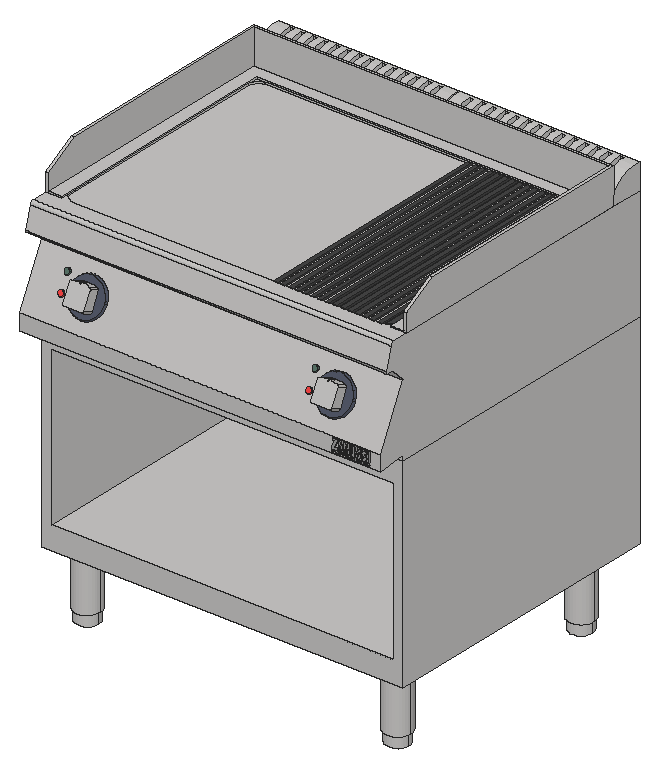
Revit family "QF_ZANUSSI_372331_Z7IIMDBLMEA", category Specialty Equipment, Revit 2018
Family settings
  Round Connector Dimension = Use Diameter
  Part Type = Normal
  Work Plane-Based = No
  Always vertical = Yes
  Cut with Voids When Loaded = No
  Shared = No
  Room Calculation Point = No
Parameters (values of type "Standard")
  Weight = 80.00 kg
  Watts = 0 W
  Volts = 400 V
  URL Manufacturer = "http://www.zanussiprofessional.com"
  URL = "http://www.zanussiprofessional.com"
  Steam Supply Size = 0"
  Steam Supply Minimum Pressure = 0.00 psi
  Steam Supply Maximum Pressure = 0.00 psi
  Steam Pounds per Hour = 0
  Show Logo [instance] = yes
  Show Clearance [instance] = yes
  Refrigeration Suction Line Size = 0"
  Refrigeration Liquid Line Size = 0"
  Refrigerant Compressor Remote = yes
  Phase = 3
  Model = "Z7IIMDBLMEA"
  Manufacturer = "Zanussi"
  Length Actual = 800 mm  # constant formula
  Item Number = "372331"
  Hot Water Size = 0"
  Height Actual = 850 mm  # constant formula
  HP = "11.3 HP"
  Gas Size = 0"
  Gas KW = 0
  Gas Input Pressure = 0.0 Btu/h
  Direct Waste Size = 0"
  Description = "ELECTRIC FRY TOP-SMOOOTH+RIBBED PLATE+BASE800MM-BRUSHED CHROME"
  Depth Actual = 700 mm  # constant formula
  Cycle = 60 Hz
  Condensate Return Size = 0"
  Compressed Air Volume = 0 GPM
  Compressed Air Size = 0"
  Compressed Air Pressure = 0.00 psi
  Cold Water Size = 0"
  Assembly Code = ""
  Accessory = yes
Reference planes
  plane 1 "BACK": y = 0
  plane 2: z = 0
  plane 3 "LEFT": x = 0
  plane 4 "RIGHT": x = 800
  plane 5 "FRONT": y = -716
  plane 6 "TOP": z = 288.925
  plane 7 "Center Y": x = 400
  plane 8 "Center X": y = -358
  plane 9 "BASE": z = 600
  plane 10 "TOP A": z = 850
  plane 11: y = -597.884
  plane 12: y = -147.637
  plane 13: y = -700
  plane 14 "panel": through (-6096, -715, 65.146) normal (0, 0.8956, -0.4448)
  plane 15: z = 930
  plane 16: z = 850
  plane 17: z = 149
  plane 18: x = 748
  plane 19: y = -29
  plane 20: y = -506
Forms (mm)
  Extrusion 1, solid, material "QF_Finishes_Stainless Steel"
    sketch origin (0, 0, 576) x (0, 1, 0) y (0, 0, 1)
      loop
        line (0, 24) -> (0, 274) -> (-679.358, 274)
        arc (-679.358, 274) -> (-684.643, 271.811) -> (-686.833, 266.526) r 7.474
        line (-686.833, 266.526) -> (-699.884, 221.011)
        arc (-699.884, 221.011) -> (-699.396, 218.379) -> (-697, 217.184) r 3
        line (-697, 217.184) -> (-686.802, 217.184) -> (-654.982, 185.364) -> (-716, 64.508) -> (-716, 29.508) -> (-658.645, 37.428)
        arc (-658.645, 37.428) -> (-656.101, 36.674) -> (-655, 34.259) r 3.2
        line (-655, 34.259) -> (-655, 24) -> (0, 24)
    from 0 to 800
  Extrusion 2, void
    sketch origin (0, -2.381, 850) x (-1, 0, 0) y (0, -1, 0)
      loop
        arc (-60.425, 102.504) -> (-42.464, 109.943) -> (-35.025, 127.904) r 25.4
        line (-35.025, 127.904) -> (-35.025, 617.104)
        arc (-35.025, 617.104) -> (-42.464, 635.064) -> (-60.425, 642.504) r 25.4
        line (-60.425, 642.504) -> (-739.575, 642.504)
        arc (-739.575, 642.504) -> (-757.536, 635.064) -> (-764.975, 617.104) r 25.4
        line (-764.975, 617.104) -> (-764.975, 127.904)
        arc (-764.975, 127.904) -> (-757.536, 109.943) -> (-739.575, 102.504) r 25.4
        line (-739.575, 102.504) -> (-60.425, 102.504)
    from 0 to -3.2
  Extrusion 3, solid, material "QF_Finishes_Clearance", visible <- "Show Clearance", detail levels coarse
    sketch origin (0, 0, 576) x (1, 0, 0) y (0, 1, 0)
      loop
        line (0, -716) -> (0, 0) -> (800, 0) -> (800, -716) -> (900, -716) -> (900, 100) -> (-100, 100) -> (-100, -716) -> (0, -716)
    from -576 to 354
  Sweep 4, solid, material "QF_Finishes_Stainless Steel"
    path origin (0, -2.381, 850) x (-1, 0, 0) y (0, -1, 0)
      loop
        line (-764.975, 642.504) -> (-764.975, 102.504) -> (-35.025, 102.504) -> (-35.025, 642.504)
    profile origin (35.025, -374.885, 850) x (1, 0, 0) y (0, 0, 1)
      loop
        line (-35.025, 0) -> (0, 0) -> (0, 3.175) -> (-28.675, 3.175) -> (-28.675, 80) -> (-35.025, 80) -> (-35.025, 0)
  Extrusion 5, void
    sketch origin (0, -69.86, 850) x (0, 1, 0) y (0, 0, 1)
      loop
        line (-575.025, 40.119) -> (-501.995, 80) -> (-575.025, 80) -> (-575.025, 40.119)
    from 0 to 6.35
  Extrusion 6, void
    sketch origin (800, -644.885, 850) x (0, -1, 0) y (0, 0, 1)
      loop
        line (0, 40.119) -> (0, 80) -> (-73.03, 80) -> (0, 40.119)
    from 0 to 6.35
  Extrusion 7, solid, material "QF_Finishes_Stainless Steel"
    sketch origin (0, 0, 576) x (0, 1, 0) y (0, 0, 1)
      loop
        line (0, 274) -> (0, 331.492)
        arc (0, 331.492) -> (-38.8, 324.37) -> (-69.85, 300.038) r 82.447
        line (-69.85, 300.038) -> (-69.85, 274) -> (0, 274)
    from 0 to 400.05
  Extrusion 8, void
    sketch origin (0, 0, 850.638) x (0, -1, 0) y (1, 0, 0)
      loop
        line (6.761, 29.703) -> (63.911, 29.703) -> (63.911, 38.999) -> (6.761, 38.999) -> (6.761, 29.703)
      loop
        line (63.911, 64.487) -> (6.761, 64.487) -> (6.761, 55.191) -> (63.911, 55.191) -> (63.911, 64.487)
      loop
        line (63.911, 89.975) -> (6.761, 89.975) -> (6.761, 80.68) -> (63.911, 80.68) -> (63.911, 89.975)
      loop
        line (63.911, 115.464) -> (6.761, 115.464) -> (6.761, 106.168) -> (63.911, 106.168) -> (63.911, 115.464)
      loop
        line (63.911, 140.952) -> (6.761, 140.952) -> (6.761, 131.656) -> (63.911, 131.656) -> (63.911, 140.952)
      loop
        line (63.911, 166.44) -> (6.761, 166.44) -> (6.761, 157.145) -> (63.911, 157.145) -> (63.911, 166.44)
      loop
        line (63.911, 191.929) -> (6.761, 191.929) -> (6.761, 182.633) -> (63.911, 182.633) -> (63.911, 191.929)
      loop
        line (63.911, 217.417) -> (6.761, 217.417) -> (6.761, 208.121) -> (63.911, 208.121) -> (63.911, 217.417)
      loop
        line (63.911, 242.905) -> (6.761, 242.905) -> (6.761, 233.61) -> (63.911, 233.61) -> (63.911, 242.905)
      loop
        line (63.911, 268.394) -> (6.761, 268.394) -> (6.761, 259.098) -> (63.911, 259.098) -> (63.911, 268.394)
      loop
        line (63.911, 293.882) -> (6.761, 293.882) -> (6.761, 284.586) -> (63.911, 284.586) -> (63.911, 293.882)
      loop
        line (63.911, 319.37) -> (6.761, 319.37) -> (6.761, 310.075) -> (63.911, 310.075) -> (63.911, 319.37)
      loop
        line (63.911, 344.859) -> (6.761, 344.859) -> (6.761, 335.563) -> (63.911, 335.563) -> (63.911, 344.859)
      loop
        line (63.911, 370.347) -> (6.761, 370.347) -> (6.761, 361.051) -> (63.911, 361.051) -> (63.911, 370.347)
    from 25.4 to 63.5
  Extrusion 9, solid, material "QF_Finishes_Stainless Steel"
    sketch origin (400.05, 0, 576) x (0, 1, 0) y (0, 0, 1)
      loop
        line (0, 274) -> (0, 331.492)
        arc (0, 331.492) -> (-38.8, 324.37) -> (-69.85, 300.038) r 82.447
        line (-69.85, 300.038) -> (-69.85, 274) -> (0, 274)
    from 0 to 399.95
  Extrusion 10, void
    sketch origin (400.05, 0, 850.638) x (0, -1, 0) y (1, 0, 0)
      loop
        line (6.761, 29.653) -> (63.911, 29.653) -> (63.911, 38.949) -> (6.761, 38.949) -> (6.761, 29.653)
      loop
        line (63.911, 64.437) -> (6.761, 64.437) -> (6.761, 55.141) -> (63.911, 55.141) -> (63.911, 64.437)
      loop
        line (63.911, 89.925) -> (6.761, 89.925) -> (6.761, 80.63) -> (63.911, 80.63) -> (63.911, 89.925)
      loop
        line (63.911, 115.414) -> (6.761, 115.414) -> (6.761, 106.118) -> (63.911, 106.118) -> (63.911, 115.414)
      loop
        line (63.911, 140.902) -> (6.761, 140.902) -> (6.761, 131.606) -> (63.911, 131.606) -> (63.911, 140.902)
      loop
        line (63.911, 166.39) -> (6.761, 166.39) -> (6.761, 157.095) -> (63.911, 157.095) -> (63.911, 166.39)
      loop
        line (63.911, 191.879) -> (6.761, 191.879) -> (6.761, 182.583) -> (63.911, 182.583) -> (63.911, 191.879)
      loop
        line (63.911, 217.367) -> (6.761, 217.367) -> (6.761, 208.071) -> (63.911, 208.071) -> (63.911, 217.367)
      loop
        line (63.911, 242.855) -> (6.761, 242.855) -> (6.761, 233.56) -> (63.911, 233.56) -> (63.911, 242.855)
      loop
        line (63.911, 268.344) -> (6.761, 268.344) -> (6.761, 259.048) -> (63.911, 259.048) -> (63.911, 268.344)
      loop
        line (63.911, 293.832) -> (6.761, 293.832) -> (6.761, 284.536) -> (63.911, 284.536) -> (63.911, 293.832)
      loop
        line (63.911, 319.32) -> (6.761, 319.32) -> (6.761, 310.025) -> (63.911, 310.025) -> (63.911, 319.32)
      loop
        line (63.911, 344.809) -> (6.761, 344.809) -> (6.761, 335.513) -> (63.911, 335.513) -> (63.911, 344.809)
      loop
        line (63.911, 370.297) -> (6.761, 370.297) -> (6.761, 361.001) -> (63.911, 361.001) -> (63.911, 370.297)
    from 25.4 to 63.5
  Blend 11, solid, material "QF_Finishes_Navy Blue"
    base sketch origin (675, -684.991, 701.574) x (1, 0, 0) y (0, 0.444781, 0.895639)
      loop
        circle (0, 0) r 42.5
    top sketch origin (675, -684.991, 701.574) x (1, 0, 0) y (0, 0.444781, 0.895639)
      loop
        circle (0, 0) r 40.5
    from 0 to 5
  Extrusion 12, solid, material "QF_Finishes_Stainless Steel"
    sketch origin (675, -684.991, 701.574) x (1, 0, 0) y (0, 0.444781, 0.895639)
      loop
        arc (-21.147, 22.789) -> (-22.494, 21.685) -> (-23, 20.019) r 2.997
        line (-23, 20.019) -> (-23, -20.019)
        arc (-23, -20.019) -> (-22.122, -22.138) -> (-20.003, -23.016) r 2.997
        line (-20.003, -23.016) -> (20.003, -23.016)
        arc (20.003, -23.016) -> (22.122, -22.138) -> (23, -20.019) r 2.997
        line (23, -20.019) -> (23, 20.019)
        arc (23, 20.019) -> (22.494, 21.685) -> (21.147, 22.789) r 2.997
        arc (21.147, 22.789) -> (0, 26.984) -> (-21.147, 22.789) r 55.4
    from 10 to 34
  Extrusion 13, solid, material "QF_Plastic-Black-Matte"
    sketch origin (755, -684.991, 701.574) x (0, 0.444781, 0.895639) y (0, -0.895639, 0.444781)
      loop
        line (26.984, 34) -> (26.984, 19) -> (27.984, 19) -> (27.984, 34)
        arc (27.984, 34) -> (27.691, 34.707) -> (26.984, 35) r 1
        line (26.984, 35) -> (23.984, 35) -> (23.984, 34) -> (26.984, 34)
    from -81 to -79
  Extrusion 14, solid, material "QF_Finishes_Red"
    sketch origin (675, -689.439, 692.617) x (1, 0, 0) y (0, 0.444781, 0.895639)
      loop
        circle (-55.001, 0) r 6
    from 0 to 1.6
  Extrusion 15, solid, material "QF_Finishes_Stainless Steel"
    sketch origin (675, -684.991, 701.574) x (1, 0, 0) y (0, 0.444781, 0.895639)
      loop
        line (17.5, 17.5) -> (-17.5, 17.5) -> (-17.5, -17.5) -> (17.5, -17.5) -> (17.5, 17.5)
    from 5 to 10
  Extrusion 16, solid, material "QF_Finishes_DarkGreen"
    sketch origin (675, -671.648, 728.443) x (1, 0, 0) y (0, 0.444781, 0.895639)
      loop
        circle (-55.001, 0) r 6
    from 0 to 1.6
  Blend 17, solid, material "QF_Finishes_Navy Blue"
    base sketch origin (125, -684.991, 701.574) x (1, 0, 0) y (0, 0.444781, 0.895639)
      loop
        circle (0, 0) r 42.5
    top sketch origin (125, -684.991, 701.574) x (1, 0, 0) y (0, 0.444781, 0.895639)
      loop
        circle (0, 0) r 40.5
    from 0 to 5
  Extrusion 18, solid, material "QF_Finishes_Stainless Steel"
    sketch origin (125, -684.991, 701.574) x (1, 0, 0) y (0, 0.444781, 0.895639)
      loop
        arc (-21.147, 22.789) -> (-22.494, 21.685) -> (-23, 20.019) r 2.997
        line (-23, 20.019) -> (-23, -20.019)
        arc (-23, -20.019) -> (-22.122, -22.138) -> (-20.003, -23.016) r 2.997
        line (-20.003, -23.016) -> (20.003, -23.016)
        arc (20.003, -23.016) -> (22.122, -22.138) -> (23, -20.019) r 2.997
        line (23, -20.019) -> (23, 20.019)
        arc (23, 20.019) -> (22.494, 21.685) -> (21.147, 22.789) r 2.997
        arc (21.147, 22.789) -> (0, 26.984) -> (-21.147, 22.789) r 55.4
    from 10 to 34
  Extrusion 19, solid, material "QF_Plastic-Black-Matte"
    sketch origin (205, -684.991, 701.574) x (0, 0.444781, 0.895639) y (0, -0.895639, 0.444781)
      loop
        line (26.984, 34) -> (26.984, 19) -> (27.984, 19) -> (27.984, 34)
        arc (27.984, 34) -> (27.691, 34.707) -> (26.984, 35) r 1
        line (26.984, 35) -> (23.984, 35) -> (23.984, 34) -> (26.984, 34)
    from -81 to -79
  Extrusion 20, solid, material "QF_Finishes_Red"
    sketch origin (125, -689.439, 692.617) x (1, 0, 0) y (0, 0.444781, 0.895639)
      loop
        circle (-55.001, 0) r 6
    from 0 to 1.6
  Extrusion 21, solid, material "QF_Finishes_Stainless Steel"
    sketch origin (125, -684.991, 701.574) x (1, 0, 0) y (0, 0.444781, 0.895639)
      loop
        line (17.5, 17.5) -> (-17.5, 17.5) -> (-17.5, -17.5) -> (17.5, -17.5) -> (17.5, 17.5)
    from 5 to 10
  Extrusion 22, solid, material "QF_Finishes_DarkGreen"
    sketch origin (125, -671.648, 728.443) x (1, 0, 0) y (0, 0.444781, 0.895639)
      loop
        circle (-55.001, 0) r 6
    from 0 to 1.6
  Extrusion 23, solid, material "QF_Finishes_Stainless Steel"
    sketch origin (0, 0, 0) x (1, 0, 0) y (0, 1, 0)
      loop
        line (0, 0) -> (0, -655) -> (800, -655) -> (800, 0) -> (0, 0)
    from 149 to 600
  Extrusion 24, void
    sketch origin (830.077, -655, 0) x (1, 0, 0) y (0, 0, -1)
      loop
        line (-810.077, -199) -> (-810.077, -550) -> (-50.077, -550) -> (-50.077, -199) -> (-810.077, -199)
    from 0 to 507.362
  Extrusion 25, solid, material "QF_Finishes_Stainless Steel"
    sketch origin (0, 0, 139) x (1, 0, 0) y (0, 1, 0)
      loop
        circle (748, -29) r 10
      loop
        circle (748, -506) r 10
    from 0 to 10
  Extrusion 26, solid, material "QF_Finishes_Black"
    sketch origin (462, -715, 576) x (1, 0, 0) y (0, 0, 1)
      loop
        line (51.5, 274) -> (42.5, 274) -> (42.5, 270.8) -> (51.5, 270.8) -> (51.5, 274)
    from -610.115 to -70.115
  Extrusion 27, solid, material "QF_Finishes_Black"
    sketch origin (478.5, -715, 576) x (1, 0, 0) y (0, 0, 1)
      loop
        line (51.5, 274) -> (42.5, 274) -> (42.5, 270.8) -> (51.5, 270.8) -> (51.5, 274)
    from -610.115 to -70.115
  Extrusion 28, solid, material "QF_Finishes_Black"
    sketch origin (495, -715, 576) x (1, 0, 0) y (0, 0, 1)
      loop
        line (51.5, 274) -> (42.5, 274) -> (42.5, 270.8) -> (51.5, 270.8) -> (51.5, 274)
    from -610.115 to -70.115
  Extrusion 29, solid, material "QF_Finishes_Black"
    sketch origin (511.5, -715, 576) x (1, 0, 0) y (0, 0, 1)
      loop
        line (51.5, 274) -> (42.5, 274) -> (42.5, 270.8) -> (51.5, 270.8) -> (51.5, 274)
    from -610.115 to -70.115
  Extrusion 30, solid, material "QF_Finishes_Black"
    sketch origin (528, -715, 576) x (1, 0, 0) y (0, 0, 1)
      loop
        line (51.5, 274) -> (42.5, 274) -> (42.5, 270.8) -> (51.5, 270.8) -> (51.5, 274)
    from -610.115 to -70.115
  Extrusion 31, solid, material "QF_Finishes_Black"
    sketch origin (544.5, -715, 576) x (1, 0, 0) y (0, 0, 1)
      loop
        line (51.5, 274) -> (42.5, 274) -> (42.5, 270.8) -> (51.5, 270.8) -> (51.5, 274)
    from -610.115 to -70.115
  Extrusion 32, solid, material "QF_Finishes_Black"
    sketch origin (561, -715, 576) x (1, 0, 0) y (0, 0, 1)
      loop
        line (51.5, 274) -> (42.5, 274) -> (42.5, 270.8) -> (51.5, 270.8) -> (51.5, 274)
    from -610.115 to -70.115
  Extrusion 33, solid, material "QF_Finishes_Black"
    sketch origin (577.5, -715, 576) x (1, 0, 0) y (0, 0, 1)
      loop
        line (51.5, 274) -> (42.5, 274) -> (42.5, 270.8) -> (51.5, 270.8) -> (51.5, 274)
    from -610.115 to -70.115
  Extrusion 34, solid, material "QF_Finishes_Black"
    sketch origin (594, -715, 576) x (1, 0, 0) y (0, 0, 1)
      loop
        line (51.5, 274) -> (42.5, 274) -> (42.5, 270.8) -> (51.5, 270.8) -> (51.5, 274)
    from -610.115 to -70.115
  Extrusion 35, solid, material "QF_Finishes_Black"
    sketch origin (610.5, -715, 576) x (1, 0, 0) y (0, 0, 1)
      loop
        line (51.5, 274) -> (42.5, 274) -> (42.5, 270.8) -> (51.5, 270.8) -> (51.5, 274)
    from -610.115 to -70.115
  Extrusion 36, solid, material "QF_Finishes_Black"
    sketch origin (627, -715, 576) x (1, 0, 0) y (0, 0, 1)
      loop
        line (51.5, 274) -> (42.5, 274) -> (42.5, 270.8) -> (51.5, 270.8) -> (51.5, 274)
    from -610.115 to -70.115
  Extrusion 37, solid, material "QF_Finishes_Black"
    sketch origin (643.5, -715, 576) x (1, 0, 0) y (0, 0, 1)
      loop
        line (51.5, 274) -> (42.5, 274) -> (42.5, 270.8) -> (51.5, 270.8) -> (51.5, 274)
    from -610.115 to -70.115
  Extrusion 38, solid, material "QF_Finishes_Black"
    sketch origin (660, -715, 576) x (1, 0, 0) y (0, 0, 1)
      loop
        line (51.475, 274) -> (42.475, 274) -> (42.475, 270.8) -> (51.475, 270.8) -> (51.475, 274)
    from -610.115 to -70.115
  Extrusion 39, solid, material "QF_Finishes_Black"
    sketch origin (676.5, -715, 576) x (1, 0, 0) y (0, 0, 1)
      loop
        line (51.475, 274) -> (42.475, 274) -> (42.475, 270.8) -> (51.475, 270.8) -> (51.475, 274)
    from -610.115 to -70.115
  Extrusion 40, solid, material "QF_Finishes_Black"
    sketch origin (693, -715, 576) x (1, 0, 0) y (0, 0, 1)
      loop
        line (51.475, 274) -> (42.475, 274) -> (42.475, 270.8) -> (51.475, 270.8) -> (51.475, 274)
    from -610.115 to -70.115
  Extrusion 41, solid, material "QF_Finishes_Black"
    sketch origin (-600, 0, 575.362) x (1, 0, 0) y (0, 1, 0)
      loop
        arc (1351.975, -641.652) -> (1356.999, -637.966) -> (1360.975, -633.167) r 25.4
        line (1360.975, -633.167) -> (1360.975, -116.603)
        arc (1360.975, -116.603) -> (1356.999, -111.804) -> (1351.975, -108.117) r 25.4
        line (1351.975, -108.117) -> (1351.975, -641.652)
    from 271.438 to 274.638
Cuts and joins
  Extrusion 2 cuts Extrusion 1
  Extrusion 5, Extrusion 6 cuts Sweep 4
  Extrusion 8 cuts Extrusion 7
  Extrusion 10 cuts Extrusion 9
  Extrusion 24 cuts Extrusion 23
Lines and regions (mm)
  Split face 1
    outline origin (676.664, -684.796, 713.208) x (1, 0, 0) y (0, 0.444781, 0.895639)
      loop
        circle (-34, 0) r 1.5
  Split face 2
    outline origin (673.297, -687.581, 707.6) x (1, 0, 0) y (0, 0.444781, 0.895639)
      loop
        circle (-30.633, -14.752) r 1.5
  Split face 3
    outline origin (676.214, -689.88, 702.97) x (1, 0, 0) y (0, 0.444781, 0.895639)
      loop
        circle (-21.199, -26.582) r 1.5
  Split face 4
    outline origin (682.566, -689.848, 703.034) x (1, 0, 0) y (0, 0.444781, 0.895639)
      loop
        circle (-7.566, -33.148) r 1.5
  Split face 5
    outline origin (687.419, -686.96, 708.85) x (1, 0, 0) y (0, 0.444781, 0.895639)
      loop
        circle (7.566, -33.148) r 1.5
  Split face 6
    outline origin (686.137, -682.319, 718.196) x (1, 0, 0) y (0, 0.444781, 0.895639)
      loop
        circle (21.199, -26.582) r 1.5
  Split face 7
    outline origin (676.5, -678.264, 726.361) x (1, 0, 0) y (0, 0.444781, 0.895639)
      loop
        circle (30.633, -14.752) r 1.5
  Split face 8
    outline origin (660.985, -677.235, 728.433) x (1, 0, 0) y (0, 0.444781, 0.895639)
      loop
        circle (34, 0) r 1.5
  Split face 9
    outline origin (675, -689.469, 703.797) x (1, 0, 0) y (0, 0.444781, 0.895639)
      loop
        circle (0, 33.561) r 1.5
  Split face 10
    outline origin (126.664, -684.796, 713.208) x (1, 0, 0) y (0, 0.444781, 0.895639)
      loop
        circle (-34, 0) r 1.5
  Split face 11
    outline origin (123.297, -687.581, 707.6) x (1, 0, 0) y (0, 0.444781, 0.895639)
      loop
        circle (-30.633, -14.752) r 1.5
  Split face 12
    outline origin (126.214, -689.88, 702.97) x (1, 0, 0) y (0, 0.444781, 0.895639)
      loop
        circle (-21.199, -26.582) r 1.5
  Split face 13
    outline origin (132.566, -689.848, 703.034) x (1, 0, 0) y (0, 0.444781, 0.895639)
      loop
        circle (-7.566, -33.148) r 1.5
  Split face 14
    outline origin (137.419, -686.96, 708.85) x (1, 0, 0) y (0, 0.444781, 0.895639)
      loop
        circle (7.566, -33.148) r 1.5
  Split face 15
    outline origin (136.137, -682.319, 718.196) x (1, 0, 0) y (0, 0.444781, 0.895639)
      loop
        circle (21.199, -26.582) r 1.5
  Split face 16
    outline origin (126.5, -678.264, 726.361) x (1, 0, 0) y (0, 0.444781, 0.895639)
      loop
        circle (30.633, -14.752) r 1.5
  Split face 17
    outline origin (110.985, -677.235, 728.433) x (1, 0, 0) y (0, 0.444781, 0.895639)
      loop
        circle (34, 0) r 1.5
  Split face 18
    outline origin (125, -689.469, 703.797) x (1, 0, 0) y (0, 0.444781, 0.895639)
      loop
        circle (0, 33.561) r 1.5
  symbolic lines, style "QF-Clearances", visible <- "Show Clearance", detail levels coarse
    curve 1: line (-100, 100, 850) -> (-100, -716, 850)
    curve 2: line (900, 100, 850) -> (-100, 100, 850)
    curve 3: line (900, -717.377, 850) -> (900, 100, 850)
  symbolic lines
    curve 4: line (0, 0, 850) -> (800, 0, 850)
    curve 5: line (0, -716, 850) -> (0, 0, 850)
    curve 6: line (800, 0, 850) -> (800, -716, 850)
    curve 7: line (35.025, -104.885, 850) -> (35.025, -644.885, 850)
    curve 8: arc (35.025, -619.485, 850) -> (42.464, -637.445, 850) -> (60.425, -644.885, 850) r 25.4
    curve 9: line (0, -644.885, 850) -> (35.025, -644.885, 850)
    curve 10: arc (739.215, -644.885, 850) -> (757.736, -637.213, 850) -> (765.407, -618.692, 850) r 26.193
    curve 11: line (765.407, -644.885, 850) -> (765.407, -104.885, 850)
    curve 12: line (765.407, -104.885, 850) -> (35.025, -104.885, 850)
    curve 13: line (0, -69.85, 850) -> (800, -69.85, 850)
    curve 14: arc (64.125, -104.885, 850) -> (43.548, -113.408, 850) -> (35.025, -133.985, 850) r 29.1
    curve 15: arc (739.863, -104.885, 850) -> (757.926, -112.367, 850) -> (765.407, -130.429, 850) r 25.544
    curve 16: line (6.35, -76.21, 850) -> (6.35, -644.885, 850)
    curve 17: line (6.35, -76.21, 850) -> (793.65, -76.21, 850)
    curve 18: line (793.65, -76.21, 850) -> (793.65, -644.885, 850)
    curve 19: line (765.407, -644.885, 850) -> (800, -644.885, 850)
    curve 20: line (60.425, -644.885, 850) -> (739.215, -644.885, 850)
    curve 21: line (0, 0, 274.638) -> (800, 0, 274.638)
    curve 22: line (0, -69.85, 274.638) -> (800, -69.85, 274.638)
    curve 23: line (29.703, -6.761, 0) -> (38.999, -6.761, 0)
    curve 24: line (29.703, -63.911, 0) -> (29.703, -6.761, 0)
    curve 25: line (38.999, -63.911, 0) -> (29.703, -63.911, 0)
    curve 26: line (38.999, -6.761, 0) -> (38.999, -63.911, 0)
    curve 27: line (55.191, -6.761, 0) -> (64.487, -6.761, 0)
    curve 28: line (55.191, -63.911, 0) -> (55.191, -6.761, 0)
    curve 29: line (64.487, -63.911, 0) -> (55.191, -63.911, 0)
    curve 30: line (64.487, -6.761, 0) -> (64.487, -63.911, 0)
    curve 31: line (80.68, -6.761, 0) -> (89.975, -6.761, 0)
    curve 32: line (80.68, -63.911, 0) -> (80.68, -6.761, 0)
    curve 33: line (89.975, -63.911, 0) -> (80.68, -63.911, 0)
    curve 34: line (89.975, -6.761, 0) -> (89.975, -63.911, 0)
    curve 35: line (106.168, -6.761, 0) -> (115.464, -6.761, 0)
    curve 36: line (106.168, -63.911, 0) -> (106.168, -6.761, 0)
    curve 37: line (115.464, -63.911, 0) -> (106.168, -63.911, 0)
    curve 38: line (115.464, -6.761, 0) -> (115.464, -63.911, 0)
    curve 39: line (131.656, -6.761, 0) -> (140.952, -6.761, 0)
    curve 40: line (131.656, -63.911, 0) -> (131.656, -6.761, 0)
    curve 41: line (140.952, -63.911, 0) -> (131.656, -63.911, 0)
    curve 42: line (140.952, -6.761, 0) -> (140.952, -63.911, 0)
    curve 43: line (157.145, -6.761, 0) -> (166.44, -6.761, 0)
    curve 44: line (157.145, -63.911, 0) -> (157.145, -6.761, 0)
    curve 45: line (166.44, -63.911, 0) -> (157.145, -63.911, 0)
    curve 46: line (166.44, -6.761, 0) -> (166.44, -63.911, 0)
    curve 47: line (182.633, -6.761, 0) -> (191.929, -6.761, 0)
    curve 48: line (182.633, -63.911, 0) -> (182.633, -6.761, 0)
    curve 49: line (191.929, -63.911, 0) -> (182.633, -63.911, 0)
    curve 50: line (191.929, -6.761, 0) -> (191.929, -63.911, 0)
    curve 51: line (208.121, -6.761, 0) -> (217.417, -6.761, 0)
    curve 52: line (208.121, -63.911, 0) -> (208.121, -6.761, 0)
    curve 53: line (217.417, -63.911, 0) -> (208.121, -63.911, 0)
    curve 54: line (217.417, -6.761, 0) -> (217.417, -63.911, 0)
    curve 55: line (233.61, -6.761, 0) -> (242.905, -6.761, 0)
    curve 56: line (233.61, -63.911, 0) -> (233.61, -6.761, 0)
    curve 57: line (242.905, -63.911, 0) -> (233.61, -63.911, 0)
    curve 58: line (242.905, -6.761, 0) -> (242.905, -63.911, 0)
    curve 59: line (259.098, -6.761, 0) -> (268.394, -6.761, 0)
    curve 60: line (259.098, -63.911, 0) -> (259.098, -6.761, 0)
    curve 61: line (268.394, -63.911, 0) -> (259.098, -63.911, 0)
    curve 62: line (268.394, -6.761, 0) -> (268.394, -63.911, 0)
    curve 63: line (284.586, -6.761, 0) -> (293.882, -6.761, 0)
    curve 64: line (284.586, -63.911, 0) -> (284.586, -6.761, 0)
    curve 65: line (293.882, -63.911, 0) -> (284.586, -63.911, 0)
    curve 66: line (293.882, -6.761, 0) -> (293.882, -63.911, 0)
    curve 67: line (310.075, -6.761, 0) -> (319.37, -6.761, 0)
    curve 68: line (310.075, -63.911, 0) -> (310.075, -6.761, 0)
    curve 69: line (319.37, -63.911, 0) -> (310.075, -63.911, 0)
    curve 70: line (319.37, -6.761, 0) -> (319.37, -63.911, 0)
    curve 71: line (335.563, -6.761, 0) -> (344.859, -6.761, 0)
    curve 72: line (335.563, -63.911, 0) -> (335.563, -6.761, 0)
    curve 73: line (344.859, -63.911, 0) -> (335.563, -63.911, 0)
    curve 74: line (344.859, -6.761, 0) -> (344.859, -63.911, 0)
    curve 75: line (361.051, -6.761, 0) -> (370.347, -6.761, 0)
    curve 76: line (361.051, -63.911, 0) -> (361.051, -6.761, 0)
    curve 77: line (370.347, -63.911, 0) -> (361.051, -63.911, 0)
    curve 78: line (370.347, -6.761, 0) -> (370.347, -63.911, 0)
    curve 79: line (400, 0, 0) -> (400, -69.85, 0)
    curve 80: line (770.347, -6.761, 0) -> (761.051, -6.761, 0)
    curve 81: line (770.347, -63.911, 0) -> (770.347, -6.761, 0)
    curve 82: line (761.051, -63.911, 0) -> (770.347, -63.911, 0)
    curve 83: line (761.051, -6.761, 0) -> (761.051, -63.911, 0)
    curve 84: line (744.859, -6.761, 0) -> (735.563, -6.761, 0)
    curve 85: line (744.859, -63.911, 0) -> (744.859, -6.761, 0)
    curve 86: line (735.563, -63.911, 0) -> (744.859, -63.911, 0)
    curve 87: line (735.563, -6.761, 0) -> (735.563, -63.911, 0)
    curve 88: line (719.37, -6.761, 0) -> (710.075, -6.761, 0)
    curve 89: line (719.37, -63.911, 0) -> (719.37, -6.761, 0)
    curve 90: line (710.075, -63.911, 0) -> (719.37, -63.911, 0)
    curve 91: line (710.075, -6.761, 0) -> (710.075, -63.911, 0)
    curve 92: line (693.882, -6.761, 0) -> (684.586, -6.761, 0)
    curve 93: line (693.882, -63.911, 0) -> (693.882, -6.761, 0)
    curve 94: line (684.586, -63.911, 0) -> (693.882, -63.911, 0)
    curve 95: line (684.586, -6.761, 0) -> (684.586, -63.911, 0)
    curve 96: line (668.394, -6.761, 0) -> (659.098, -6.761, 0)
    curve 97: line (668.394, -63.911, 0) -> (668.394, -6.761, 0)
    curve 98: line (659.098, -63.911, 0) -> (668.394, -63.911, 0)
    curve 99: line (659.098, -6.761, 0) -> (659.098, -63.911, 0)
    curve 100: line (642.905, -6.761, 0) -> (633.61, -6.761, 0)
    curve 101: line (642.905, -63.911, 0) -> (642.905, -6.761, 0)
    curve 102: line (633.61, -63.911, 0) -> (642.905, -63.911, 0)
    curve 103: line (633.61, -6.761, 0) -> (633.61, -63.911, 0)
    curve 104: line (617.417, -6.761, 0) -> (608.121, -6.761, 0)
    curve 105: line (617.417, -63.911, 0) -> (617.417, -6.761, 0)
    curve 106: line (608.121, -63.911, 0) -> (617.417, -63.911, 0)
    curve 107: line (608.121, -6.761, 0) -> (608.121, -63.911, 0)
    curve 108: line (591.929, -6.761, 0) -> (582.633, -6.761, 0)
    curve 109: line (591.929, -63.911, 0) -> (591.929, -6.761, 0)
    curve 110: line (582.633, -63.911, 0) -> (591.929, -63.911, 0)
    curve 111: line (582.633, -6.761, 0) -> (582.633, -63.911, 0)
    curve 112: line (566.44, -6.761, 0) -> (557.145, -6.761, 0)
    curve 113: line (566.44, -63.911, 0) -> (566.44, -6.761, 0)
    curve 114: line (557.145, -63.911, 0) -> (566.44, -63.911, 0)
    curve 115: line (557.145, -6.761, 0) -> (557.145, -63.911, 0)
    curve 116: line (540.952, -6.761, 0) -> (531.656, -6.761, 0)
    curve 117: line (540.952, -63.911, 0) -> (540.952, -6.761, 0)
    curve 118: line (531.656, -63.911, 0) -> (540.952, -63.911, 0)
    curve 119: line (531.656, -6.761, 0) -> (531.656, -63.911, 0)
    curve 120: line (515.464, -6.761, 0) -> (506.168, -6.761, 0)
    curve 121: line (515.464, -63.911, 0) -> (515.464, -6.761, 0)
    curve 122: line (506.168, -63.911, 0) -> (515.464, -63.911, 0)
    curve 123: line (506.168, -6.761, 0) -> (506.168, -63.911, 0)
    curve 124: line (489.975, -6.761, 0) -> (480.68, -6.761, 0)
    curve 125: line (489.975, -63.911, 0) -> (489.975, -6.761, 0)
    curve 126: line (480.68, -63.911, 0) -> (489.975, -63.911, 0)
    curve 127: line (480.68, -6.761, 0) -> (480.68, -63.911, 0)
    curve 128: line (464.487, -6.761, 0) -> (455.191, -6.761, 0)
    curve 129: line (464.487, -63.911, 0) -> (464.487, -6.761, 0)
    curve 130: line (455.191, -63.911, 0) -> (464.487, -63.911, 0)
    curve 131: line (455.191, -6.761, 0) -> (455.191, -63.911, 0)
    curve 132: line (438.999, -6.761, 0) -> (429.703, -6.761, 0)
    curve 133: line (438.999, -63.911, 0) -> (438.999, -6.761, 0)
    curve 134: line (429.703, -63.911, 0) -> (438.999, -63.911, 0)
    curve 135: line (429.703, -6.761, 0) -> (429.703, -63.911, 0)
    curve 136: line (0, -700, 0) -> (800, -700, 0)
    curve 137: line (698, -700, 0) -> (698, -725.347, 0)
    curve 138: arc (698, -725.347, 0) -> (697.854, -725.811, 0) -> (697.468, -726.107, 0) r 0.809
    curve 139: arc (697.468, -726.107, 0) -> (696.28, -726.587, 0) -> (695.003, -726.68, 0) r 4.127
    curve 140: arc (698, -704.292, 0) -> (703.041, -702.458, 0) -> (707.809, -700, 0) r 42.24
    curve 141: arc (698, -706.539, 0) -> (697.498, -705.818, 0) -> (696.701, -705.448, 0) r 1.682
    curve 142: arc (696.701, -705.448, 0) -> (686.397, -703.964, 0) -> (676, -703.459, 0) r 110.06
    curve 143: line (676, -700, 0) -> (676, -705.671, 0)
    curve 144: line (676, -705.671, 0) -> (674, -705.671, 0)
    curve 145: line (674, -705.671, 0) -> (674, -700, 0)
    curve 146: line (652, -700, 0) -> (652, -725.347, 0)
    curve 147: arc (652, -725.347, 0) -> (652.146, -725.811, 0) -> (652.532, -726.107, 0) r 0.809
    curve 148: arc (652.532, -726.107, 0) -> (653.72, -726.587, 0) -> (654.997, -726.68, 0) r 4.127
    curve 149: arc (652, -704.292, 0) -> (646.959, -702.458, 0) -> (642.191, -700, 0) r 42.24
    curve 150: arc (652, -706.539, 0) -> (652.502, -705.818, 0) -> (653.299, -705.448, 0) r 1.682
    curve 151: arc (653.299, -705.448, 0) -> (663.603, -703.964, 0) -> (674, -703.459, 0) r 110.06
    curve 152: line (695.003, -726.68, 0) -> (654.997, -726.68, 0)
    curve 153: line (148, -716, 0) -> (652, -716, 0)
    curve 154: line (698, -716, 0) -> (800, -716, 0)
    curve 155: line (148, -700, 0) -> (148, -725.347, 0)
    curve 156: arc (148, -725.347, 0) -> (147.854, -725.811, 0) -> (147.468, -726.107, 0) r 0.809
    curve 157: arc (147.468, -726.107, 0) -> (146.28, -726.587, 0) -> (145.003, -726.68, 0) r 4.127
    curve 158: arc (148, -704.292, 0) -> (153.041, -702.458, 0) -> (157.809, -700, 0) r 42.24
    curve 159: arc (148, -706.539, 0) -> (147.498, -705.818, 0) -> (146.701, -705.448, 0) r 1.682
    curve 160: arc (146.701, -705.448, 0) -> (136.397, -703.964, 0) -> (126, -703.459, 0) r 110.06
    curve 161: line (126, -700, 0) -> (126, -705.671, 0)
    curve 162: line (126, -705.671, 0) -> (124, -705.671, 0)
    curve 163: line (124, -705.671, 0) -> (124, -700, 0)
    curve 164: line (102, -700, 0) -> (102, -725.347, 0)
    curve 165: arc (102, -725.347, 0) -> (102.146, -725.811, 0) -> (102.532, -726.107, 0) r 0.809
    curve 166: arc (102.532, -726.107, 0) -> (103.72, -726.587, 0) -> (104.997, -726.68, 0) r 4.127
    curve 167: arc (102, -704.292, 0) -> (96.959, -702.458, 0) -> (92.191, -700, 0) r 42.24
    curve 168: arc (102, -706.539, 0) -> (102.502, -705.818, 0) -> (103.299, -705.448, 0) r 1.682
    curve 169: arc (103.299, -705.448, 0) -> (113.603, -703.964, 0) -> (124, -703.459, 0) r 110.06
    curve 170: line (145.003, -726.68, 0) -> (104.997, -726.68, 0)
    curve 171: line (102, -716, 0) -> (0, -716, 0)
    curve 174: line (509, -104.885, 0) -> (509, -644.885, 0)
    curve 175: line (525.5, -104.885, 0) -> (525.5, -644.885, 0)
    curve 176: line (542, -104.885, 0) -> (542, -644.885, 0)
    curve 177: line (558.5, -104.885, 0) -> (558.5, -644.885, 0)
    curve 178: line (575, -104.885, 0) -> (575, -644.885, 0)
    curve 179: line (591.5, -104.885, 0) -> (591.5, -644.885, 0)
    curve 180: line (608, -104.885, 0) -> (608, -644.885, 0)
    curve 181: line (624.5, -104.885, 0) -> (624.5, -644.885, 0)
    curve 182: line (641, -104.885, 0) -> (641, -644.885, 0)
    curve 183: line (657.5, -104.885, 0) -> (657.5, -644.885, 0)
    curve 184: line (674, -104.885, 0) -> (674, -644.885, 0)
    curve 185: line (690.5, -104.885, 0) -> (690.5, -644.885, 0)
    curve 186: line (706.975, -104.885, 0) -> (706.975, -644.885, 0)
    curve 187: line (723.475, -104.885, 0) -> (723.475, -644.885, 0)
    curve 188: line (739.575, -104.885, 0) -> (739.575, -644.885, 0)
    curve 189: line (756.286, -111.156, 0) -> (756.286, -638.614, 0)
  symbolic lines, style "QF-Clearances"
    curve 172: line (-100, -716, 0) -> (0, -716, 0)
    curve 173: line (800, -716, 0) -> (900, -716, 0)
Dimensions and locks
  equal spacing: plane 3 "LEFT", plane 7 "Center Y", plane 4 "RIGHT"
  plane 3 "LEFT" to plane 4 "RIGHT" = 800 mm
  equal spacing: plane 5 "FRONT", plane 8 "Center X", plane 1 "BACK"
  plane 5 "FRONT" to plane 1 "BACK" = 716 mm
  plane 1 "BACK" to plane 5 "FRONT" = 716 mm
  Sweep 4 sketch curve to level = 930 mm
  plane 10 "TOP A" to plane 9 "BASE" = 250 mm  (x2)
  plane 9 "BASE" to level = 600 mm
  plane 1 "BACK" to plane 13 = 700 mm
  plane 15 to level = 930 mm
  plane 16 to level = 850 mm
  plane 16 to plane 17 to level = 701 mm, 149 mm
  nested 1 to plane 3 "LEFT" = 56 mm
  nested 2 to nested 1 = 688 mm
  plane 1 "BACK" to nested 1 = 91 mm
  nested 1 to nested 3 = 509 mm
  plane 1 "BACK" to Extrusion 23 = 655 mm
  plane 18 to plane 4 "RIGHT" = 52 mm
  plane 20 to plane 19 to plane 1 "BACK" = 477 mm, 29 mm
  aligned and locked: level to plane 2
  aligned and locked: plane 4 "RIGHT" to Extrusion 1
  aligned: plane 6 "TOP" to Extrusion 3
  aligned and locked: Extrusion 23 sketch curve to cut or joined group of Extrusion 1, Extrusion 2  (x3)
  aligned and locked: Extrusion 23 to plane 17
Automatic sketch dimensions
  Extrusion 1 sketch curve to plane 5 "FRONT" = 0 mm
  Extrusion 1 sketch curve to plane 10 "TOP A" = 0 mm
  Extrusion 1 sketch curve to plane 9 "BASE" = 0 mm
  Extrusion 1 sketch curve to plane 1 "BACK" = 0 mm
  Extrusion 1 sketch curve to plane 13 = 0.116 mm
  Extrusion 1 sketch curve to plane 13 = 3 mm
  Extrusion 1 sketch curve to plane 10 "TOP A" = 7.474 mm
  Extrusion 1 sketch curve to plane 13 = 13.167 mm
  Extrusion 1 sketch curve to Extrusion 1 sketch curve = 10.198 mm
  plane 9 "BASE" to Extrusion 1 sketch curve = 13.428 mm
  Extrusion 1 sketch curve to plane 13 = 41.355 mm
  Extrusion 1 sketch curve to Extrusion 1 sketch curve = 0.445 mm
  Extrusion 1 sketch curve to Extrusion 1 sketch curve = 3.2 mm
  Extrusion 1 sketch curve to Extrusion 1 sketch curve = 31.82 mm
  plane 9 "BASE" to Extrusion 1 sketch curve = 5.508 mm
  Extrusion 1 sketch curve to Extrusion 1 sketch curve = 35 mm
  Extrusion 1 sketch curve to Extrusion 1 sketch curve = 81.162 mm
  Extrusion 1 sketch curve to Extrusion 1 sketch curve = 49.342 mm
  Extrusion 1 sketch curve to Extrusion 1 sketch curve = 3 mm
  Extrusion 2 sketch curve to plane 4 "RIGHT" = 35.025 mm
  Extrusion 2 sketch curve to Extrusion 2 sketch curve = 25.4 mm  (x3)
  Extrusion 2 sketch curve to plane 12 = 17.353 mm
  plane 3 "LEFT" to Extrusion 2 sketch curve = 60.425 mm  (x2)
  plane 11 to Extrusion 2 sketch curve = 21.6 mm
  plane 5 "FRONT" to Extrusion 3 sketch curve = 0 mm  (x2)
  plane 1 "BACK" to Extrusion 3 sketch curve = 0 mm
  Extrusion 3 sketch curve to plane 3 "LEFT" = 0 mm
  Extrusion 3 sketch curve to plane 4 "RIGHT" = 0 mm
  Extrusion 3 sketch curve to plane 3 "LEFT" = 100 mm
  plane 4 "RIGHT" to Extrusion 3 sketch curve = 100 mm
  Extrusion 3 sketch curve to plane 1 "BACK" = 100 mm
  Sweep 4 sketch curve to plane 4 "RIGHT" = 35.025 mm
  plane 3 "LEFT" to Sweep 4 sketch curve = 35.025 mm
  Sweep 4 sketch curve to plane 12 = 42.753 mm
  plane 11 to Sweep 4 sketch curve = 47 mm  (x2)
  Extrusion 5 sketch curve to Sweep 4 = 0 mm  (x2)
  Extrusion 5 sketch curve to Extrusion 5 sketch curve = 73.03 mm
  Extrusion 5 sketch curve to Extrusion 5 sketch curve = 39.881 mm
  Sweep 4 to Extrusion 6 sketch curve = 0 mm
  Extrusion 6 sketch curve to Sweep 4 = 0 mm
  Extrusion 6 sketch curve to Extrusion 6 sketch curve = 73.03 mm
  Extrusion 6 sketch curve to Extrusion 6 sketch curve = 39.881 mm
  Extrusion 7 sketch curve to plane 10 "TOP A" = 0 mm
  Extrusion 7 sketch curve to plane 1 "BACK" = 0 mm
  plane 1 "BACK" to Extrusion 7 sketch curve = 4.947 mm
  plane 6 "TOP" to Extrusion 7 sketch curve = 587.113 mm
  plane 1 "BACK" to Extrusion 7 sketch curve = 69.85 mm
  Extrusion 7 sketch curve to plane 10 "TOP A" = 24.807 mm
  plane 1 "BACK" to Extrusion 8 sketch curve = 6.761 mm  (x14)
  Extrusion 8 sketch curve to Extrusion 8 sketch curve = 57.15 mm
  Extrusion 8 sketch curve to Extrusion 8 sketch curve = 0 mm  (x13)
  plane 3 "LEFT" to Extrusion 8 sketch curve = 29.703 mm
  Extrusion 8 sketch curve to Extrusion 8 sketch curve = 9.296 mm  (x14)
  Extrusion 8 sketch curve to Extrusion 8 sketch curve = 16.193 mm  (x13)
  Extrusion 9 sketch curve to plane 10 "TOP A" = 0 mm
  Extrusion 9 sketch curve to plane 1 "BACK" = 0 mm
  plane 1 "BACK" to Extrusion 9 sketch curve = 4.947 mm
  plane 6 "TOP" to Extrusion 9 sketch curve = 587.113 mm
  plane 1 "BACK" to Extrusion 9 sketch curve = 69.85 mm
  Extrusion 9 sketch curve to plane 10 "TOP A" = 24.807 mm
  plane 1 "BACK" to Extrusion 10 sketch curve = 6.761 mm  (x14)
  Extrusion 10 sketch curve to Extrusion 10 sketch curve = 57.15 mm
  Extrusion 10 sketch curve to Extrusion 10 sketch curve = 0 mm  (x13)
  plane 7 "Center Y" to Extrusion 10 sketch curve = 29.703 mm
  Extrusion 10 sketch curve to Extrusion 10 sketch curve = 9.296 mm  (x14)
  Extrusion 10 sketch curve to Extrusion 10 sketch curve = 16.193 mm  (x13)
  plane 1 "BACK" to curve 21 = 0 mm
  curve 21 to plane 4 "RIGHT" = 0 mm
  curve 22 to plane 4 "RIGHT" = 0 mm
  curve 22 to plane 3 "LEFT" = 0 mm
  curve 21 to plane 3 "LEFT" = 0 mm
  curve 21 to curve 22 = 69.85 mm
  Blend 11 sketch curve to plane 4 "RIGHT" = 125 mm  (x2)
  Extrusion 12 sketch curve to plane 4 "RIGHT" = 148 mm
  Extrusion 12 sketch curve to Extrusion 12 sketch curve = 2.997 mm  (x3)
  Extrusion 12 sketch curve to Extrusion 12 sketch curve = 20.003 mm  (x2)
  Extrusion 12 sketch curve to Extrusion 12 sketch curve = 40.005 mm
  Extrusion 12 sketch curve to Extrusion 12 sketch curve = 5.399 mm
  Extrusion 12 sketch curve to Extrusion 12 sketch curve = 40.037 mm
  Extrusion 12 sketch curve to Extrusion 12 sketch curve = 0 mm  (x2)
  Extrusion 13 sketch curve to plane 14 "panel" = 291.194 mm
  plane 13 to Extrusion 13 sketch curve = 5.671 mm
  Extrusion 13 sketch curve to Extrusion 13 sketch curve = 3 mm
  Extrusion 13 sketch curve to Extrusion 13 sketch curve = 0 mm  (x2)
  Extrusion 13 sketch curve to Extrusion 13 sketch curve = 1 mm
  Extrusion 13 sketch curve to Extrusion 13 sketch curve = 15 mm
  Extrusion 14 sketch curve to plane 4 "RIGHT" = 180.001 mm
  Extrusion 15 sketch curve to plane 4 "RIGHT" = 142.5 mm
  Extrusion 15 sketch curve to Extrusion 15 sketch curve = 35 mm  (x2)
  Extrusion 16 sketch curve to plane 4 "RIGHT" = 180.001 mm
  plane 3 "LEFT" to Blend 17 sketch curve = 125 mm  (x2)
  plane 3 "LEFT" to Extrusion 18 sketch curve = 125 mm
  plane 3 "LEFT" to Extrusion 18 sketch curve = 104.997 mm  (x2)
  Extrusion 18 sketch curve to Extrusion 18 sketch curve = 2.997 mm  (x2)
  plane 3 "LEFT" to Extrusion 18 sketch curve = 145.003 mm  (x2)
  Extrusion 18 sketch curve to Extrusion 18 sketch curve = 5.399 mm
  Extrusion 18 sketch curve to Extrusion 18 sketch curve = 40.037 mm
  Extrusion 18 sketch curve to Extrusion 18 sketch curve = 0 mm  (x2)
  Extrusion 19 sketch curve to plane 14 "panel" = 291.194 mm
  plane 13 to Extrusion 19 sketch curve = 5.671 mm
  Extrusion 19 sketch curve to Extrusion 19 sketch curve = 3 mm
  Extrusion 19 sketch curve to Extrusion 19 sketch curve = 0 mm  (x2)
  Extrusion 19 sketch curve to Extrusion 19 sketch curve = 1 mm
  Extrusion 19 sketch curve to Extrusion 19 sketch curve = 15 mm
  plane 3 "LEFT" to Extrusion 20 sketch curve = 69.999 mm
  plane 3 "LEFT" to Extrusion 21 sketch curve = 107.5 mm
  plane 3 "LEFT" to Extrusion 21 sketch curve = 142.5 mm
  Extrusion 21 sketch curve to Extrusion 21 sketch curve = 35 mm
  plane 3 "LEFT" to Extrusion 22 sketch curve = 69.999 mm
  Sweep 4 sketch curve to profile plane = 0 mm
  profile plane to Sweep 4 sketch curve = 0 mm
  profile plane to Sweep 4 sketch curve = 28.675 mm
  Sweep 4 sketch curve to Sweep 4 sketch curve = 6.35 mm
  profile plane to Sweep 4 sketch curve = 3.175 mm
  plane 1 "BACK" to curve 6 = 0 mm
  curve 6 to plane 4 "RIGHT" = 0 mm
  curve 13 to plane 3 "LEFT" = 0 mm
  plane 5 "FRONT" to curve 1 = 0 mm
  plane 5 "FRONT" to curve 5 = 0 mm
  plane 5 "FRONT" to curve 6 = 0 mm
  plane 4 "RIGHT" to curve 3 = 100 mm
  curve 17 to plane 4 "RIGHT" = 6.35 mm
  curve 11 to plane 4 "RIGHT" = 34.593 mm
  curve 15 to plane 12 = 17.209 mm
  curve 15 to curve 15 = 25.544 mm
  plane 11 to curve 10 = 20.807 mm
  curve 10 to curve 10 = 26.193 mm
  curve 14 to plane 12 = 13.653 mm
  plane 3 "LEFT" to curve 14 = 64.125 mm
  curve 20 to curve 7 = 25.4 mm
  plane 3 "LEFT" to curve 16 = 6.35 mm
  curve 2 to plane 3 "LEFT" = 100 mm
  curve 1 to plane 1 "BACK" = 100 mm
  curve 17 to curve 11 = 28.675 mm
  curve 8 to curve 7 = 25.4 mm
  curve 10 to curve 19 = 26.193 mm
  curve 13 to curve 17 = 6.36 mm
  plane 5 "FRONT" to curve 3 = 1.377 mm
  plane 5 "FRONT" to curve 172 = 0 mm
  curve 172 to plane 3 "LEFT" = 0 mm
  curve 136 to plane 3 "LEFT" = 0 mm
  plane 13 to curve 167 = 0 mm
  plane 5 "FRONT" to curve 153 = 0 mm
  curve 79 to plane 7 "Center Y" = 0 mm
  plane 5 "FRONT" to curve 154 = 0 mm
  curve 136 to plane 4 "RIGHT" = 0 mm
  curve 173 to plane 4 "RIGHT" = 0 mm
  plane 1 "BACK" to curve 79 = 0 mm
  plane 3 "LEFT" to curve 25 = 29.703 mm
  curve 23 to curve 26 = 9.296 mm
  curve 25 to curve 29 = 16.193 mm
  curve 27 to curve 30 = 9.296 mm
  curve 29 to curve 33 = 16.193 mm
  curve 31 to curve 34 = 9.296 mm
  plane 5 "FRONT" to curve 164 = 9.347 mm
  plane 3 "LEFT" to curve 164 = 102 mm
  curve 164 to curve 165 = 0.809 mm
  curve 168 to curve 168 = 1.583 mm
  curve 165 to curve 166 = 1.846 mm
  curve 165 to curve 170 = 2.189 mm
  curve 33 to curve 37 = 16.193 mm
  curve 164 to curve 167 = 11.892 mm
  curve 36 to curve 37 = 9.296 mm
  plane 13 to curve 163 = 5.671 mm
  curve 168 to curve 163 = 20.417 mm
  curve 166 to curve 169 = 19.134 mm
  curve 169 to curve 160 = 1.738 mm
  curve 162 to curve 162 = 2 mm
  curve 37 to curve 40 = 16.193 mm
  curve 167 to curve 158 = 22.215 mm
  curve 39 to curve 42 = 9.296 mm
  curve 161 to curve 170 = 19.003 mm
  curve 157 to curve 157 = 0.343 mm
  plane 13 to curve 159 = 7.106 mm
  curve 157 to curve 159 = 1.071 mm
  curve 157 to curve 156 = 2.189 mm
  curve 156 to curve 155 = 0.809 mm
  plane 1 "BACK" to curve 43 = 6.761 mm
  curve 39 to curve 43 = 16.193 mm
  curve 44 to curve 45 = 9.296 mm
  curve 45 to curve 49 = 16.193 mm
  curve 47 to curve 47 = 9.296 mm
  plane 1 "BACK" to curve 52 = 6.761 mm
  curve 47 to curve 52 = 16.193 mm
  curve 52 to curve 54 = 9.296 mm
  curve 53 to curve 56 = 16.193 mm
  curve 55 to curve 58 = 9.296 mm
  plane 1 "BACK" to curve 60 = 6.761 mm
  curve 55 to curve 60 = 16.193 mm
  curve 59 to curve 59 = 9.296 mm
  plane 1 "BACK" to curve 64 = 6.761 mm
  curve 59 to curve 64 = 16.193 mm
  curve 64 to curve 65 = 9.296 mm
  plane 1 "BACK" to curve 67 = 6.761 mm
  curve 63 to curve 67 = 16.193 mm
  curve 67 to curve 70 = 9.296 mm
  plane 1 "BACK" to curve 71 = 6.761 mm
  curve 67 to curve 71 = 16.193 mm
  curve 71 to curve 74 = 9.296 mm
  curve 73 to curve 76 = 16.193 mm
  curve 75 to curve 75 = 9.296 mm
  plane 1 "BACK" to curve 135 = 6.761 mm
  plane 7 "Center Y" to curve 135 = 29.703 mm
  curve 134 to curve 133 = 9.296 mm
  curve 133 to curve 131 = 16.193 mm
  curve 130 to curve 129 = 9.296 mm
  plane 1 "BACK" to curve 127 = 6.761 mm
  curve 128 to curve 127 = 16.193 mm
  curve 126 to curve 125 = 9.296 mm
  plane 1 "BACK" to curve 123 = 6.761 mm
  curve 124 to curve 123 = 16.193 mm
  curve 122 to curve 122 = 9.296 mm
  plane 1 "BACK" to curve 116 = 6.761 mm
  curve 120 to curve 116 = 16.193 mm
  curve 118 to curve 118 = 9.296 mm
  plane 1 "BACK" to curve 115 = 6.761 mm
  curve 116 to curve 115 = 16.193 mm
  curve 114 to curve 113 = 9.296 mm
  curve 113 to curve 111 = 16.193 mm
  curve 110 to curve 109 = 9.296 mm
  curve 109 to curve 107 = 16.193 mm
  curve 106 to curve 105 = 9.296 mm
  curve 105 to curve 102 = 16.193 mm
  curve 100 to curve 100 = 9.296 mm
  plane 5 "FRONT" to curve 146 = 9.347 mm
  curve 146 to plane 4 "RIGHT" = 148 mm
  curve 146 to curve 147 = 0.809 mm
  curve 150 to curve 150 = 1.583 mm
  curve 147 to curve 148 = 1.846 mm
  curve 147 to curve 152 = 2.189 mm
  curve 101 to curve 98 = 16.193 mm
  curve 146 to curve 149 = 11.892 mm
  curve 96 to curve 96 = 9.296 mm
  plane 13 to curve 145 = 5.671 mm
  curve 150 to curve 145 = 20.417 mm
  curve 148 to curve 151 = 19.134 mm
  curve 151 to curve 142 = 1.738 mm
  curve 144 to curve 143 = 2 mm
  plane 1 "BACK" to curve 95 = 6.761 mm
  curve 96 to curve 95 = 16.193 mm
  curve 149 to curve 140 = 22.215 mm
  curve 92 to curve 93 = 9.296 mm
  curve 143 to curve 152 = 19.003 mm
  curve 152 to curve 139 = 0.343 mm
  plane 13 to curve 141 = 7.106 mm
  curve 139 to curve 141 = 1.071 mm
  curve 152 to curve 138 = 2.189 mm
  curve 138 to curve 137 = 0.809 mm
  plane 1 "BACK" to curve 91 = 6.761 mm
  curve 92 to curve 91 = 16.193 mm
  curve 90 to curve 90 = 9.296 mm
  plane 1 "BACK" to curve 84 = 6.761 mm
  curve 88 to curve 84 = 16.193 mm
  curve 86 to curve 86 = 9.296 mm
  curve 85 to curve 82 = 16.193 mm
  curve 82 to curve 82 = 9.296 mm
  plane 5 "FRONT" to curve 138 = 9.347 mm
  curve 170 to curve 165 = 1.333 mm
  curve 152 to curve 138 = 1.333 mm
  curve 151 to curve 148 = 86.839 mm
  curve 169 to curve 166 = 86.839 mm
  curve 151 to curve 142 = 0 mm
  curve 169 to curve 160 = 0 mm
  curve 157 to curve 155 = 1.333 mm
  curve 156 to curve 157 = 2.779 mm
  curve 165 to curve 166 = 2.779 mm
  curve 147 to curve 148 = 2.779 mm
  curve 138 to curve 139 = 2.779 mm
  plane 13 to curve 150 = 7.106 mm
  plane 13 to curve 168 = 7.106 mm
  curve 140 to plane 13 = 36.239 mm
  curve 149 to curve 140 = 0 mm
  curve 158 to plane 13 = 36.239 mm
  curve 167 to curve 158 = 0 mm
  curve 65 to curve 63 = 57.15 mm
  curve 65 to curve 72 = 0 mm
  curve 62 to curve 64 = 0 mm
  curve 73 to curve 76 = 0 mm
  curve 58 to curve 60 = 0 mm
  curve 65 to curve 68 = 0 mm
  curve 81 to curve 84 = 57.15 mm
  curve 54 to curve 56 = 0 mm
  curve 85 to curve 82 = 0 mm
  curve 50 to curve 52 = 0 mm
  curve 89 to curve 86 = 0 mm
  curve 46 to curve 48 = 0 mm
  curve 93 to curve 90 = 0 mm
  curve 42 to curve 44 = 0 mm
  curve 97 to curve 94 = 0 mm
  curve 38 to curve 40 = 0 mm
  curve 101 to curve 98 = 0 mm
  curve 34 to curve 36 = 0 mm
  curve 105 to curve 102 = 0 mm
  curve 109 to curve 106 = 0 mm
  curve 30 to curve 32 = 0 mm
  curve 113 to curve 110 = 0 mm
  curve 26 to curve 28 = 0 mm
  curve 117 to curve 114 = 0 mm
  curve 135 to curve 132 = 57.15 mm
  curve 121 to curve 118 = 0 mm
  curve 133 to curve 131 = 0 mm
  curve 125 to curve 122 = 0 mm
  plane 1 "BACK" to curve 128 = 6.761 mm
  plane 1 "BACK" to curve 111 = 6.761 mm
  plane 1 "BACK" to curve 107 = 6.761 mm
  plane 1 "BACK" to curve 103 = 6.761 mm
  plane 1 "BACK" to curve 99 = 6.761 mm
  plane 1 "BACK" to curve 83 = 6.761 mm
  plane 1 "BACK" to curve 23 = 6.761 mm
  plane 1 "BACK" to curve 78 = 6.761 mm
  plane 1 "BACK" to curve 58 = 6.761 mm
  plane 1 "BACK" to curve 50 = 6.761 mm
  plane 1 "BACK" to curve 42 = 6.761 mm
  plane 1 "BACK" to curve 38 = 6.761 mm
  plane 1 "BACK" to curve 34 = 6.761 mm
  plane 1 "BACK" to curve 30 = 6.761 mm
  curve 172 to curve 171 = 100 mm
  curve 167 to curve 164 = 9.809 mm
  curve 169 to curve 168 = 0.284 mm
  curve 159 to curve 160 = 0.284 mm
  curve 155 to curve 158 = 9.809 mm
  curve 149 to curve 146 = 9.809 mm
  curve 151 to curve 150 = 0.284 mm
  curve 141 to curve 141 = 0.284 mm
  curve 137 to curve 140 = 9.809 mm
  plane 4 "RIGHT" to curve 173 = 100 mm
  curve 141 to curve 141 = 0.567 mm
  curve 150 to curve 150 = 0.567 mm
  curve 159 to curve 159 = 0.567 mm
  curve 168 to curve 168 = 0.567 mm
  curve 79 to curve 77 = 5.939 mm
  Extrusion 23 sketch curve to plane 5 "FRONT" = 61 mm
  Extrusion 23 to Extrusion 24 sketch curve = 20 mm
  Extrusion 24 sketch curve to Extrusion 23 = 50 mm  (x2)
  Extrusion 24 sketch curve to Extrusion 23 = 20 mm
  Extrusion 25 sketch curve to plane 8 "Center X" = 148 mm
  Extrusion 25 sketch curve to plane 18 = 0 mm  (x2)
  Extrusion 25 sketch curve to plane 19 = 0 mm
  plane 6 "TOP" to Extrusion 26 sketch curve = 561.075 mm
  plane 7 "Center Y" to Extrusion 26 sketch curve = 104.5 mm
  Extrusion 26 sketch curve to Extrusion 26 sketch curve = 9 mm
  Extrusion 26 sketch curve to Extrusion 26 sketch curve = 3.2 mm
  plane 6 "TOP" to Extrusion 27 sketch curve = 561.075 mm
  plane 7 "Center Y" to Extrusion 27 sketch curve = 121 mm
  Extrusion 27 sketch curve to Extrusion 27 sketch curve = 9 mm
  Extrusion 27 sketch curve to Extrusion 27 sketch curve = 3.2 mm
  plane 6 "TOP" to Extrusion 28 sketch curve = 561.075 mm
  plane 7 "Center Y" to Extrusion 28 sketch curve = 137.5 mm
  Extrusion 28 sketch curve to Extrusion 28 sketch curve = 9 mm
  Extrusion 28 sketch curve to Extrusion 28 sketch curve = 3.2 mm
  plane 6 "TOP" to Extrusion 29 sketch curve = 561.075 mm
  plane 7 "Center Y" to Extrusion 29 sketch curve = 154 mm
  Extrusion 29 sketch curve to Extrusion 29 sketch curve = 9 mm
  Extrusion 29 sketch curve to Extrusion 29 sketch curve = 3.2 mm
  plane 6 "TOP" to Extrusion 30 sketch curve = 561.075 mm
  plane 7 "Center Y" to Extrusion 30 sketch curve = 170.5 mm
  Extrusion 30 sketch curve to Extrusion 30 sketch curve = 9 mm
  Extrusion 30 sketch curve to Extrusion 30 sketch curve = 3.2 mm
  plane 6 "TOP" to Extrusion 31 sketch curve = 561.075 mm
  Extrusion 31 sketch curve to plane 18 = 161 mm
  Extrusion 31 sketch curve to Extrusion 31 sketch curve = 9 mm
  Extrusion 31 sketch curve to Extrusion 31 sketch curve = 3.2 mm
  plane 6 "TOP" to Extrusion 32 sketch curve = 561.075 mm
  Extrusion 32 sketch curve to plane 18 = 144.5 mm
  Extrusion 32 sketch curve to Extrusion 32 sketch curve = 9 mm
  Extrusion 32 sketch curve to Extrusion 32 sketch curve = 3.2 mm
  plane 6 "TOP" to Extrusion 33 sketch curve = 561.075 mm
  Extrusion 33 sketch curve to plane 18 = 128 mm
  Extrusion 33 sketch curve to Extrusion 33 sketch curve = 9 mm
  Extrusion 33 sketch curve to Extrusion 33 sketch curve = 3.2 mm
  plane 6 "TOP" to Extrusion 34 sketch curve = 561.075 mm
  Extrusion 34 sketch curve to plane 18 = 111.5 mm
  Extrusion 34 sketch curve to Extrusion 34 sketch curve = 9 mm
  Extrusion 34 sketch curve to Extrusion 34 sketch curve = 3.2 mm
  plane 6 "TOP" to Extrusion 35 sketch curve = 561.075 mm
  Extrusion 35 sketch curve to plane 18 = 95 mm
  Extrusion 35 sketch curve to Extrusion 35 sketch curve = 9 mm
  Extrusion 35 sketch curve to Extrusion 35 sketch curve = 3.2 mm
  plane 6 "TOP" to Extrusion 36 sketch curve = 561.075 mm
  Extrusion 36 sketch curve to plane 18 = 78.5 mm
  Extrusion 36 sketch curve to Extrusion 36 sketch curve = 9 mm
  Extrusion 36 sketch curve to Extrusion 36 sketch curve = 3.2 mm
  plane 6 "TOP" to Extrusion 37 sketch curve = 561.075 mm
  Extrusion 37 sketch curve to plane 18 = 62 mm
  Extrusion 37 sketch curve to Extrusion 37 sketch curve = 9 mm
  Extrusion 37 sketch curve to Extrusion 37 sketch curve = 3.2 mm
  plane 6 "TOP" to Extrusion 38 sketch curve = 561.075 mm
  Extrusion 38 sketch curve to plane 18 = 45.525 mm
  Extrusion 38 sketch curve to Extrusion 38 sketch curve = 9 mm
  Extrusion 38 sketch curve to Extrusion 38 sketch curve = 3.2 mm
  plane 6 "TOP" to Extrusion 39 sketch curve = 561.075 mm
  Extrusion 39 sketch curve to plane 18 = 29.025 mm
  Extrusion 39 sketch curve to Extrusion 39 sketch curve = 9 mm
  Extrusion 39 sketch curve to Extrusion 39 sketch curve = 3.2 mm
  Extrusion 40 sketch curve to plane 18 = 12.525 mm
  Extrusion 40 sketch curve to plane 18 = 3.525 mm
  plane 6 "TOP" to Extrusion 40 sketch curve = 557.875 mm
  Extrusion 40 sketch curve to Extrusion 40 sketch curve = 3.2 mm
  Extrusion 41 sketch curve to plane 18 = 8.425 mm  (x2)
  plane 18 to Extrusion 41 sketch curve = 3.975 mm
  Extrusion 41 sketch curve to Extrusion 41 sketch curve = 9 mm
  plane 11 to Extrusion 41 sketch curve = 43.768 mm
  Extrusion 41 sketch curve to Extrusion 41 sketch curve = 8.485 mm
  Extrusion 41 sketch curve to plane 12 = 17.353 mm
  Extrusion 41 sketch curve to Extrusion 41 sketch curve = 13.682 mm
  plane 11 to curve 174 = 47 mm
  plane 7 "Center Y" to curve 174 = 109 mm
  curve 174 to curve 175 = 16.5 mm
  curve 175 to curve 176 = 16.5 mm
  curve 176 to curve 177 = 16.5 mm
  curve 177 to curve 178 = 16.5 mm
